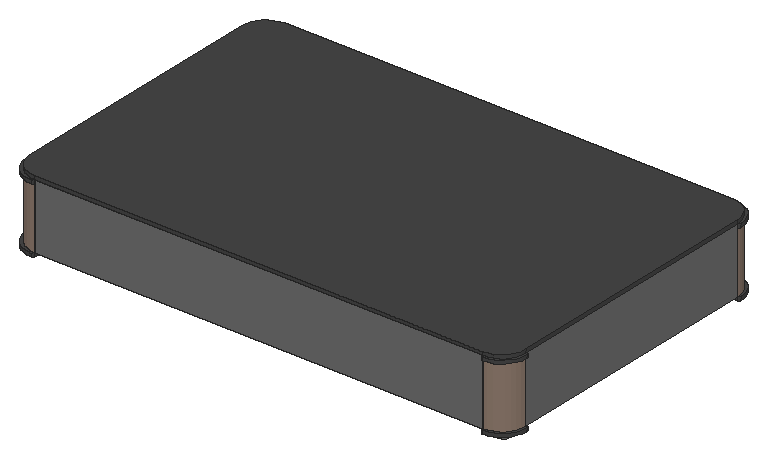
Revit family "QF_ADVENTYS_HOT_PLATE_C-B_250902065135", category Specialty Equipment, Revit 2021
Family settings
  Round Connector Dimension = Use Diameter
  Part Type = Normal
  OmniClass Number = 23.40.40.14
  OmniClass Title = Food Service Equipment
  Work Plane-Based = No
  Always vertical = Yes
  Cut with Voids When Loaded = No
  Shared = No
  Room Calculation Point = No
Parameters (values of type "ADV2091")
  Weight in Pounds [instance] = 0
  Weight = 7.50 kg
  Warranty Start Date [instance] = ""
  Warranty Duration [instance] = ""
  Volts [instance] = 230 V
  URL Recommended Spares List = ""
  URL Manufacturer = ""
  URL Cutsheet = ""
  URL Critical Spares List = ""
  URL = "www.adventys.com"
  Tag Number [instance] = ""
  Status [instance] = ""
  Specification by User [instance] = ""
  Specification by Manufacturer [instance] = ""
  Sound Level [instance] = ""
  Solid Fuel Type [instance] = ""
  Service Life Duration [instance] = ""
  Serial Number [instance] = ""
  Seismic Rating [instance] = ""
  SMACNA No [instance] = ""
  Revision Code [instance] = ""
  Revision [instance] = ""
  Production Year [instance] = ""
  Point Load [instance] = 0
  Phase [instance] = 1
  Other Equipment Approvals [instance] = ""
  Number of Poles [instance] = 2
  NAFEM Spec ID Number [instance] = ""
  Model Warning [instance] = ""
  Model = "HOT PLATE C-B"
  Min Ckt Ampacity [instance] = 0 A
  Max Overcurrent Protection [instance] = 10 A
  Masterspec [instance] = ""
  Manufacturer = "ADVENTYS"
  Length Actual = 620 mm
  Item Number [instance] = ""
  Installed By [instance] = ""
  Installation Date [instance] = ""
  Identify Quantity as Lot [instance] = no
  ID [instance] = ""
  Hygiene Approval [instance] = ""
  Hot Water Consumption = 0.0 L/s
  Height Actual = 96 mm
  HP power [instance] = ""
  Furnished By [instance] = ""
  Foodservice Equipment Identifier [instance] = no
  FL Amps [instance] = 4.5 A
  Electrical Remarks [instance] = ""
  Electric power [instance] = 0 W
  Electric Connection Type [instance] = ""
  Elec Conn RI Height [instance] = 0 mm
  Elec Conn Connection Height [instance] = 0 mm
  ETL Approved [instance] = no
  Description = "ELECTRONICALLY CONTROLLED HOTPLATE"
  Depth Actual = 390 mm
  Default Elevation = 0 mm
  Cycle [instance] = 50 Hz
  Cost = 0
  Conn Plug [instance] = ""
  Conn Conduit [instance] = no
  CSI MasterFormat [instance] = ""
  CE Approved [instance] = no
  Barcode [instance] = 0
  Author [instance] = ""
  Asset Identifier [instance] = ""
  Apparent Power [instance] = 1000 VA
  Accessory = no
Reference planes
  plane 1 "Center (Front/Back)": y = 0
  plane 2: z = 0
  plane 3 "Center (Left/Right)": x = 0
Forms (mm)
  Extrusion 1, solid, not visible
    sketch origin (70.003, -2, 47.502) x (1, 0, 0) y (0, 1, 0)
      loop
        line (-2, 2) -> (-2, -2) -> (2, -2) -> (2, 2) -> (-2, 2)
    from -2 to 2
Dimensions and locks
  locked: Extrusion 1 to nested 2
  locked: nested 2 to Extrusion 1 at 2
  aligned and locked: level to plane 2
Nested families
  nested 1: "QF_ADVENTYS_ADV2091_2916" at (0, 0, 0), type "ADV2091"
    with Status "", Show Logo yes, Show Clearance yes
  nested 2: "CONN_POINT_ELE_2D___Generic_Annotation" at (70.003, 0, 47.502), type "CONN_POINT_ELE_2D___Generic_Annotation"
    with Onboard connection annotation symbol visibility yes
Connectors
  electrical at (70.003, 0, 47.502), driven by "Apparent Power", driven by "Number of Poles", driven by "Volts"
    settings: on Extrusion 1, index 1, voltage 230 V, apparent load 0 VA, apparent load phase1 1000 VA, apparent load phase2 0 VA, apparent load phase3 0 VA, power factor 1, load classification "Other", number of poles 2, system type 31, power factor state 1, is connector primary yes, connector utility no, sub classification motor no, connector description "Electrical connection for HOT PLATE C-B"
Definition of nested family "QF_ADVENTYS_ADV2091_2916"
  Parameters (values of type "ADV2091")
    URL = "www.adventys.com"
    Status [instance] = ""
    Show Logo [instance] = yes
    Show Clearance [instance] = yes
    Model = "HOT PLATE C-B"
    Manufacturer = "ADVENTYS"
    Description = "ELECTRONICALLY CONTROLLED HOTPLATE"
    Default Elevation = 0 mm
    Author = "SPECIFI"
    Assembly Code = "E1090320"
  Reference planes
    plane 1 "Back": y = 0
    plane 2: z = 0
    plane 3 "Left": x = 0
    plane 4 "Right": x = 620
    plane 5 "Front": y = -390
    plane 6 "Top": z = 96
  Forms (mm)
    Extrusion 1, solid
      sketch origin (-437.879, -390, -60.3) x (1, 0, 0) y (0, 1, 0)
        loop
          line (437.879, 360) -> (437.879, 30) -> (467.879, 30) -> (467.879, 0) -> (1027.879, 0) -> (1027.879, 30) -> (1057.879, 30) -> (1057.879, 360) -> (1027.879, 360) -> (1027.879, 390) -> (467.879, 390) -> (467.879, 360) -> (437.879, 360)
      from 70.3 to 152.3
    Extrusion 2, solid
      sketch origin (30, -390, -14.006) x (1, 0, 0) y (0, 1, 0)
        loop
          line (0, 30) -> (-30.98, 30)
          arc (-30.98, 30) -> (-32.402, 29.388) -> (-32.935, 27.935) r 1.958
          arc (-32.935, 27.935) -> (-23.852, 6.102) -> (-2, -2.935) r 30.935
          arc (-2, -2.935) -> (-0.586, -2.35) -> (0, -0.935) r 2
          line (0, -0.935) -> (0, 30)
        loop
          line (560, 30) -> (560, -0.935)
          arc (560, -0.935) -> (560.586, -2.35) -> (562, -2.935) r 2
          arc (562, -2.935) -> (583.852, 6.102) -> (592.935, 27.935) r 30.935
          arc (592.935, 27.935) -> (592.402, 29.388) -> (590.98, 30) r 1.958
          line (590.98, 30) -> (560, 30)
        loop
          line (0, 360) -> (0, 390.935)
          arc (0, 390.935) -> (-0.586, 392.35) -> (-2, 392.935) r 2
          arc (-2, 392.935) -> (-23.852, 383.898) -> (-32.935, 362.065) r 30.935
          arc (-32.935, 362.065) -> (-32.402, 360.612) -> (-30.98, 360) r 1.958
          line (-30.98, 360) -> (0, 360)
        loop
          line (560, 360) -> (590.98, 360)
          arc (590.98, 360) -> (592.402, 360.612) -> (592.935, 362.065) r 1.958
          arc (592.935, 362.065) -> (583.852, 383.898) -> (562, 392.935) r 30.935
          arc (562, 392.935) -> (560.586, 392.35) -> (560, 390.935) r 2
          line (560, 390.935) -> (560, 360)
      from 20.006 to 24.006
    Extrusion 3, solid
      sketch origin (-430.601, -391.294, 0.995) x (1, 0, 0) y (0, 1, 0)
        loop
          circle (1033.349, 18.158) r 8
        loop
          circle (447.454, 18.158) r 8
        loop
          circle (1033.349, 374.212) r 8
        loop
          circle (447.454, 374.212) r 8
      from -0.995 to 5
    Extrusion 4, solid
      sketch origin (30, -390, 71.994) x (1, 0, 0) y (0, 1, 0)
        loop
          line (0, 0) -> (560, 0)
          arc (560, 0) -> (581.213, 8.787) -> (590, 30) r 30
          line (590, 30) -> (590, 360)
          arc (590, 360) -> (581.213, 381.213) -> (560, 390) r 30
          line (560, 390) -> (0, 390)
          arc (0, 390) -> (-21.213, 381.213) -> (-30, 360) r 30
          line (-30, 360) -> (-30, 30)
          arc (-30, 30) -> (-21.213, 8.787) -> (0, 0) r 30
      from 20.006 to 24.006
    Extrusion 5, solid
      sketch origin (30, -390, 67.994) x (1, 0, 0) y (0, 1, 0)
        loop
          arc (560, 390) -> (581.213, 381.213) -> (590, 360) r 30
          line (590, 360) -> (590.98, 360)
          arc (590.98, 360) -> (592.402, 360.612) -> (592.935, 362.065) r 1.958
          arc (592.935, 362.065) -> (583.852, 383.898) -> (562, 392.935) r 30.935
          arc (562, 392.935) -> (560.586, 392.35) -> (560, 390.935) r 2
          line (560, 390.935) -> (560, 390)
        loop
          line (560, 0) -> (560, -0.935)
          arc (560, -0.935) -> (560.586, -2.35) -> (562, -2.935) r 2
          arc (562, -2.935) -> (583.852, 6.102) -> (592.935, 27.935) r 30.935
          arc (592.935, 27.935) -> (592.402, 29.388) -> (590.98, 30) r 1.958
          line (590.98, 30) -> (590, 30)
          arc (590, 30) -> (581.213, 8.787) -> (560, 0) r 30
        loop
          line (0, 390) -> (0, 390.935)
          arc (0, 390.935) -> (-0.586, 392.35) -> (-2, 392.935) r 2
          arc (-2, 392.935) -> (-23.852, 383.898) -> (-32.935, 362.065) r 30.935
          arc (-32.935, 362.065) -> (-32.402, 360.612) -> (-30.98, 360) r 1.958
          line (-30.98, 360) -> (-30, 360)
          arc (-30, 360) -> (-21.213, 381.213) -> (0, 390) r 30
        loop
          arc (0, 0) -> (-21.213, 8.787) -> (-30, 30) r 30
          line (-30, 30) -> (-30.98, 30)
          arc (-30.98, 30) -> (-32.402, 29.388) -> (-32.935, 27.935) r 1.958
          arc (-32.935, 27.935) -> (-23.852, 6.102) -> (-2, -2.935) r 30.935
          arc (-2, -2.935) -> (-0.586, -2.35) -> (0, -0.935) r 2
          line (0, -0.935) -> (0, 0)
      from 20.006 to 24.006
    Extrusion 6, solid
      sketch origin (994.629, 0.2, -60.3) x (1, 0, 0) y (0, 0, 1)
        loop
          line (-603.629, 131.7) -> (-763.629, 131.7)
          arc (-763.629, 131.7) -> (-767.164, 130.236) -> (-768.629, 126.7) r 5
          line (-768.629, 126.7) -> (-768.629, 96.7)
          arc (-768.629, 96.7) -> (-767.164, 93.164) -> (-763.629, 91.7) r 5
          line (-763.629, 91.7) -> (-603.629, 91.7)
          arc (-603.629, 91.7) -> (-600.093, 93.164) -> (-598.629, 96.7) r 5
          line (-598.629, 96.7) -> (-598.629, 126.7)
          arc (-598.629, 126.7) -> (-600.093, 130.236) -> (-603.629, 131.7) r 5
      from -0.2 to 1.8
    Extrusion 7, solid
      sketch origin (-372.629, 0.6, -0.3) x (-1, 0, 0) y (0, 0, -1)
        loop
          line (-663.129, -58.2) -> (-663.129, -45.2) -> (-704.129, -45.2) -> (-704.129, -58.2) -> (-663.129, -58.2)
      from 0 to 2
    Extrusion 8, solid
      sketch origin (-372.629, -55.341, -0.3) x (-1, 0, 0) y (0, 0, -1)
        loop
          line (-647.129, -55.95) -> (-647.129, -47.45)
          arc (-647.129, -47.45) -> (-647.788, -45.859) -> (-649.379, -45.2) r 2.25
          line (-649.379, -45.2) -> (-657.879, -45.2)
          arc (-657.879, -45.2) -> (-659.47, -45.859) -> (-660.129, -47.45) r 2.25
          line (-660.129, -47.45) -> (-660.129, -55.95)
          arc (-660.129, -55.95) -> (-659.47, -57.541) -> (-657.879, -58.2) r 2.25
          line (-657.879, -58.2) -> (-649.379, -58.2)
          arc (-649.379, -58.2) -> (-647.788, -57.541) -> (-647.129, -55.95) r 2.25
        loop
          line (-653.229, -55.7) -> (-653.229, -52.1) -> (-649.629, -52.1) -> (-649.629, -51.3) -> (-653.229, -51.3) -> (-653.229, -47.7) -> (-654.029, -47.7) -> (-654.029, -51.3) -> (-657.629, -51.3) -> (-657.629, -52.1) -> (-654.029, -52.1) -> (-654.029, -55.7) -> (-653.229, -55.7)
        loop
          line (-707.129, -55.95) -> (-707.129, -47.45)
          arc (-707.129, -47.45) -> (-707.788, -45.859) -> (-709.379, -45.2) r 2.25
          line (-709.379, -45.2) -> (-717.879, -45.2)
          arc (-717.879, -45.2) -> (-719.47, -45.859) -> (-720.129, -47.45) r 2.25
          line (-720.129, -47.45) -> (-720.129, -55.95)
          arc (-720.129, -55.95) -> (-719.47, -57.541) -> (-717.879, -58.2) r 2.25
          line (-717.879, -58.2) -> (-709.379, -58.2)
          arc (-709.379, -58.2) -> (-707.788, -57.541) -> (-707.129, -55.95) r 2.25
        loop
          line (-709.629, -52.1) -> (-709.629, -51.3) -> (-717.629, -51.3) -> (-717.629, -52.1) -> (-709.629, -52.1)
        loop
          circle (-733.525, -51.7) r 6.5
        loop
          line (-733.229, -55.7) -> (-733.229, -47.7) -> (-734.029, -47.7) -> (-734.029, -55.7) -> (-733.229, -55.7)
      from -55.941 to -53.941
    Extrusion 9, solid
      sketch origin (0, 0, 0) x (1, 0, 0) y (0, 1, 0)
        loop
          arc (30, 0) -> (8.787, -8.787) -> (0, -30) r 30
          line (0, -30) -> (30, -30) -> (30, 0)
        loop
          line (30, -390) -> (30, -360) -> (0, -360)
          arc (0, -360) -> (8.787, -381.213) -> (30, -390) r 30
        loop
          line (590, 0) -> (590, -30) -> (620, -30)
          arc (620, -30) -> (611.213, -8.787) -> (590, 0) r 30
        loop
          arc (590, -390) -> (611.213, -381.213) -> (620, -360) r 30
          line (620, -360) -> (590, -360) -> (590, -390)
      from 10 to 88
  Lines and regions (mm)
    symbolic lines
      curve 1: line (0, -360, 0) -> (0, -30, 0)
      curve 2: line (30, 0, 0) -> (590, 0, 0)
      curve 3: line (620, -30, 0) -> (620, -360, 0)
      curve 4: line (590, -390, 0) -> (30, -390, 0)
      curve 5: arc (0, -360, 0) -> (8.787, -381.213, 0) -> (30, -390, 0) r 30
      curve 6: arc (590, -390, 0) -> (611.213, -381.213, 0) -> (620, -360, 0) r 30
      curve 7: arc (0, -30, 0) -> (8.787, -8.787, 0) -> (30, 0, 0) r 30
      curve 8: arc (590, 0, 0) -> (611.213, -8.787, 0) -> (620, -30, 0) r 30
      curve 9: line (0, -360, 0) -> (-0.98, -360, 0)
      curve 10: arc (-0.98, -360, 0) -> (-2.365, -360.574, 0) -> (-2.938, -361.958, 0) r 1.958
      curve 11: arc (-2.938, -361.958, 0) -> (6.135, -383.862, 0) -> (28.039, -392.935, 0) r 30.977
      curve 12: arc (28.039, -392.935, 0) -> (29.426, -392.361, 0) -> (30, -390.974, 0) r 1.961
      curve 13: line (30, -390.974, 0) -> (30, -390, 0)
      curve 14: line (620, -360, 0) -> (620.98, -360, 0)
      curve 15: arc (620.98, -360, 0) -> (622.365, -360.574, 0) -> (622.938, -361.958, 0) r 1.958
      curve 16: arc (622.938, -361.958, 0) -> (613.865, -383.862, 0) -> (591.961, -392.935, 0) r 30.977
      curve 17: arc (591.961, -392.935, 0) -> (590.574, -392.361, 0) -> (590, -390.974, 0) r 1.961
      curve 18: line (590, -390.974, 0) -> (590, -390, 0)
      curve 19: line (0, -30, 0) -> (-0.98, -30, 0)
      curve 20: arc (-0.98, -30, 0) -> (-2.365, -29.426, 0) -> (-2.938, -28.042, 0) r 1.958
      curve 21: arc (-2.938, -28.042, 0) -> (6.135, -6.138, 0) -> (28.039, 2.935, 0) r 30.977
      curve 22: arc (28.039, 2.935, 0) -> (29.426, 2.361, 0) -> (30, 0.974, 0) r 1.961
      curve 23: line (30, 0.974, 0) -> (30, 0, 0)
      curve 24: line (620, -30, 0) -> (620.98, -30, 0)
      curve 25: arc (620.98, -30, 0) -> (622.365, -29.426, 0) -> (622.938, -28.042, 0) r 1.958
      curve 26: arc (622.938, -28.042, 0) -> (613.865, -6.138, 0) -> (591.961, 2.935, 0) r 30.977
      curve 27: arc (591.961, 2.935, 0) -> (590.574, 2.361, 0) -> (590, 0.974, 0) r 1.961
      curve 28: line (590, 0.974, 0) -> (590, 0, 0)
  Dimensions and locks
    plane 6 "Top" to level = 96 mm
    plane 3 "Left" to plane 4 "Right" = 620 mm
    plane 5 "Front" to plane 1 "Back" = 390 mm
    aligned and locked: level to plane 2
Definition of nested family "CONN_POINT_ELE_2D___Generic_Annotation"
  Parameters (values of type "CONN_POINT_ELE_2D___Generic_Annotation")
    Onboard connection annotation symbol visibility [instance] = yes
  Reference planes
    plane 1: y = 0
    plane 2: x = 0
  Lines and regions (mm)
    detail lines, visible <- "Onboard connection annotation symbol visibility"
      curve 1: circle (0, 0, 0) r 0.5 normal (0, 0, 1)
      curve 2: line (-1, 0, 0) -> (1, 0, 0)
      curve 3: line (0, 1, 0) -> (0, -1, 0)
      curve 4: line (2.5, 1, 0) -> (1.25, 1, 0)
      curve 5: line (1.25, 1, 0) -> (1.25, -1, 0)
      curve 6: line (1.25, -1, 0) -> (2.5, -1, 0)
      curve 7: line (1.25, 0, 0) -> (2, 0, 0)
